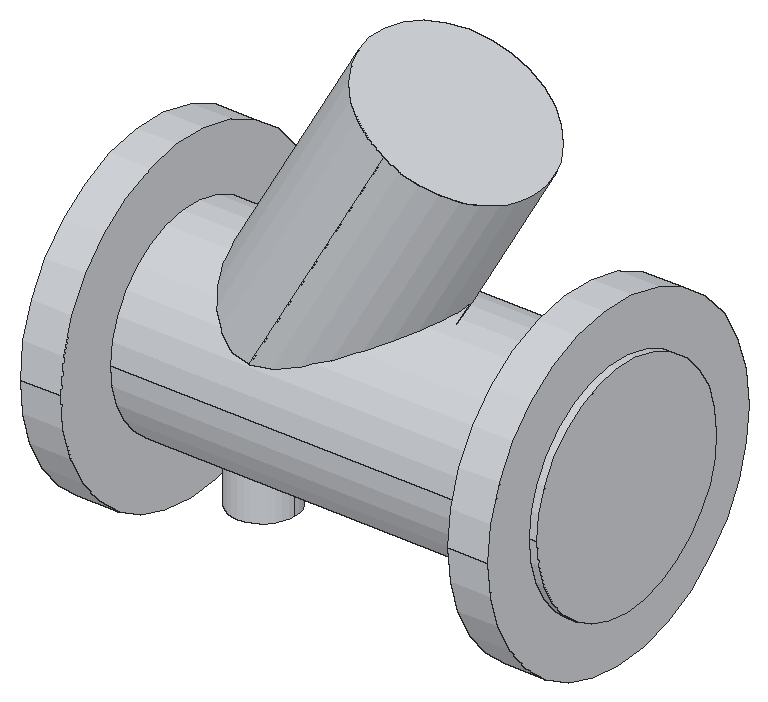
Revit family "HS 821-síto_standard-PN40-DN100-RFA_2018", category Pipe Accessories, Revit 2018
Family settings
  Round Connector Dimension = Use Diameter
  Part Type = Breaks Into
  Work Plane-Based = No
  Always vertical = Yes
  Cut with Voids When Loaded = No
  Shared = No
Parameters (values of type "821F-DN100-PN40-síto_standard")
  magiProductId = "8a45d4e8e2ab425f8c432f21d684f3"
  magiProductFamilyId = "79214ac3aaa945e397802f559f5c1e"
  magiPartTypeId = 307
  isMeasuringValve [instance] = no
  ang2D [instance] = 0.00°
  ZB__ve = -ZB  # -37.25 mm
  ZB1 = 65.61 mm
  ZB = 37.25 mm
  X2 = 114.857 mm
  X1 = 49 mm
  W2D = 15 mm
  VersionID = "2.0/2017.9.26.1/ZETKAMA_821_001"
  Use Minimum Symbol Size [instance] = yes
  URL = "www.hydronic.cz"
  Type Comments = "Filtr přírubový; síto standardní; A-PN16 (-10~300°C); D-PN25 (-10~350°C); F-PN40 (-10~400°C)"
  S = 162 mm
  QmdConnectorList = "301;D;302;D"
  Productdata [instance] = ""
  Manufacturer = "Hydronic Systems Prague s.r.o."
  MC Product Code = "240 690 (821F; DN100; PN40; kvs209,6; oko síta 1,6mm)"
  LM1 = 28 mm
  LM = 280 mm
  L4 = 87.5 mm
  L2D_Min = 3048 mm
  L2D = 130 mm
  L2 = 175 mm
  HH2 = 198.937 mm
  FD = 235 mm
  Description = "Filtr přírubový; síto standardní; 821A-PN16; 821D-PN25; 821F-PN40"
  DM1 = 131.4 mm
  DM = 145.8 mm
  D = 100 mm
  CC = 5.95 mm
  CAT0 = yes
  C1 = 29.05 mm
  C = 35 mm
  BD = 45.927 mm
Types (40, lengths in mm): name | magiProductId | ZB__ve | ZB1 | ZB | X2 | X1 | S | MC Product Code | LM1 | LM | L4 | L2 | HH2 | FD | DM1 | DM | D | CC | C1 | C | BD
  821A-DN015-PN16-síto_standard | "a71bcfe8b393460598b23e8ddf7dc5" | -16.25 | 18.63 | 16.25 | 46.982 | 18.2 | 46 | "200 115 (821A; DN015; PN16; kvs6,3; oko síta 1,00mm)" | 10.4 | 104 | 32.5 | 65 | 81.375 | 95 | 27.6 | 41.4 | 15 | 2.21 | 10.79 | 13 | 13.041
  821A-DN020-PN16-síto_standard | "41cd6c7a12924f4991217528336076" | -17.75 | 22.68 | 17.75 | 51.673 | 21 | 56 | "200 120 (821A; DN020; PN16; kvs11,2; oko síta 1,00mm)" | 12 | 120 | 37.5 | 75 | 89.5 | 105 | 33.6 | 50.4 | 20 | 2.55 | 12.45 | 15 | 15.876
  821A-DN025-PN16-síto_standard | "be378b463ed14c3abf4c9b3ae8cf3a" | -19.25 | 26.325 | 19.25 | 58.601 | 22.4 | 65 | "200 125 (821A; DN025; PN16; kvs14,7; oko síta 1,00mm)" | 12.8 | 128 | 40 | 80 | 101.5 | 115 | 43.2 | 58.5 | 25 | 2.72 | 13.28 | 16 | 18.427
  821A-DN032-PN16-síto_standard | "227a0d18b21540afabe8b6067d35fa" | -23 | 30.78 | 23 | 68.849 | 25.2 | 76 | "200 132 (821A; DN032; PN16; kvs23,7; oko síta 1,00mm)" | 14.4 | 144 | 45 | 90 | 119.25 | 140 | 50.4 | 68.4 | 32 | 3.06 | 14.94 | 18 | 21.546
  821A-DN040-PN16-síto_standard | "d106917c74724141a10440112d0102" | -24.5 | 34.02 | 24.5 | 75.777 | 28 | 84 | "200 140 (821A; DN040; PN16; kvs37,7; oko síta 1,00mm)" | 16 | 160 | 50 | 100 | 131.25 | 150 | 60 | 75.6 | 40 | 3.4 | 16.6 | 20 | 23.814
  821A-DN050-PN16-síto_standard | "8255d456a09e4f6486734f5dd9171b" | -26.75 | 40.095 | 26.75 | 79.061 | 32.2 | 99 | "200 150 (821A; DN050 PN16; kvs57,9; oko síta 1,00mm)" | 18.4 | 184 | 57.5 | 115 | 136.938 | 165 | 73.8 | 89.1 | 50 | 3.91 | 19.09 | 23 | 28.066
  821A-DN065-PN16-síto_standard | "235b1b3e4c0843779a4d5e3716d40a" | -29.75 | 47.79 | 29.75 | 86.927 | 40.6 | 118 | "200 165 (821A; DN065; PN16; kvs101,5; oko síta 1,25mm)" | 23.2 | 232 | 72.5 | 145 | 150.562 | 185 | 94.2 | 106.2 | 65 | 4.93 | 24.07 | 29 | 33.453
  821A-DN080-PN16-síto_standard | "a067f7c5236348ed8c820d16df7214" | -32 | 53.46 | 32 | 104.753 | 43.4 | 132 | "200 180 (821A; DN080; PN16; kvs147,4; oko síta 1,25mm)" | 24.8 | 248 | 77.5 | 155 | 181.438 | 200 | 107.4 | 118.8 | 80 | 5.27 | 25.73 | 31 | 37.422
  821A-DN100-PN16-síto_standard | "c49a648c2747461285837d643703cd" | -35 | 63.18 | 35 | 114.857 | 49 | 156 | "200 190 (821A; DN100; PN16; kvs209,6; oko síta 1,60mm)" | 28 | 280 | 87.5 | 175 | 198.937 | 220 | 131.4 | 140.4 | 100 | 5.95 | 29.05 | 35 | 44.226
  821A-DN125-PN16-síto_standard | "bf68e728a163493cbd2a663b26ebdc" | -39.5 | 74.52 | 39.5 | 131.888 | 56 | 184 | "200 191 (821A; DN125; PN16; kvs326,2; oko síta 1,60mm)" | 32 | 320 | 100 | 200 | 228.438 | 250 | 165 | 165.6 | 125 | 6.8 | 33.2 | 40 | 52.164
  821A-DN150-PN16-síto_standard | "2de770284b654863ae6bc865769dc5" | -44.75 | 85.455 | 44.75 | 155.885 | 67.2 | 211 | "200 192 (821A; DN150; PN16; kvs403; oko síta 1,60mm)" | 38.4 | 384 | 120 | 240 | 270 | 285 | 192 | 189.9 | 150 | 8.16 | 39.84 | 48 | 59.818
  821A-DN200-PN16-síto_standard | "8e5693371ab64aabb29a7f08c76e15" | -53 | 107.73 | 53 | 188.361 | 84 | 266 | "200 193 (821A; DN200; PN16; kvs707; oko síta 1,60mm)" | 48 | 480 | 150 | 300 | 326.25 | 340 | 252 | 239.4 | 200 | 10.2 | 49.8 | 60 | 75.411
  821A-DN250-PN16-síto_standard | "05e37ed948c34047acdd4c42556504" | -62.75 | 129.195 | 62.75 | 255.911 | 102.2 | 319 | "200 194 (821A; DN250; PN16; kvs1234; oko síta 1,60mm)" | 58.4 | 584 | 182.5 | 365 | 443.25 | 405 | 309.6 | 287.1 | 250 | 12.41 | 60.59 | 73 | 90.436
  821A-DN300-PN16-síto_standard | "9ad0af747269428da925480d83ce80" | -71 | 149.85 | 71 | 325.914 | 119 | 370 | "200 195 (821A; DN300; PN16; kvs1916; oko síta 1,60mm)" | 68 | 680 | 212.5 | 425 | 564.5 | 460 | 369.6 | 333 | 300 | 14.45 | 70.55 | 85 | 104.895
  821A-DN350-PN16-síto_standard | "eebc71459bb3451bb4355e7951370a" | -80 | 173.745 | 80 | 356.875 | 137.2 | 429 | "200 196 (821A; DN350; PN16; kvs2621; oko síta 1,60mm)" | 78.4 | 784 | 245 | 490 | 618.125 | 520 | 438 | 386.1 | 350 | 16.66 | 81.34 | 98 | 121.621
  821A-DN400-PN16-síto_standard | "d2f677cb196647e385b2590e7d8abe" | -89 | 194.4 | 89 | 392.237 | 154 | 480 | "200 197 (821A; DN400; PN16; kvs3460; oko síta 1,60mm)" | 88 | 880 | 275 | 550 | 679.375 | 580 | 498 | 432 | 400 | 18.7 | 91.3 | 110 | 136.08
  821D-DN015-PN25-síto_standard | "27ddcbf555414f8ca1fde329bf9087" | -16.25 | 18.63 | 16.25 | 46.982 | 18.2 | 46 | "200 215 (821D; DN015; PN25; kvs6,3; oko síta 1,00mm)" | 10.4 | 104 | 32.5 | 65 | 81.375 | 95 | 27.6 | 41.4 | 15 | 2.21 | 10.79 | 13 | 13.041
  821D-DN020-PN25-síto_standard | "270e0f14012f47189cd0235c18faee" | -17.75 | 22.68 | 17.75 | 51.673 | 21 | 56 | "200 220 (821D; DN020; PN25; kvs11,2; oko síta 1,00mm)" | 12 | 120 | 37.5 | 75 | 89.5 | 105 | 33.6 | 50.4 | 20 | 2.55 | 12.45 | 15 | 15.876
  821D-DN025-PN25-síto_standard | "b9a7fb4aa36643878c637d8e1ab992" | -19.25 | 26.325 | 19.25 | 58.601 | 22.4 | 65 | "200 225 (821D; DN025; PN25; kvs14,7; oko síta 1,00mm)" | 12.8 | 128 | 40 | 80 | 101.5 | 115 | 43.2 | 58.5 | 25 | 2.72 | 13.28 | 16 | 18.427
  821D-DN032-PN25-síto_standard | "6be9a55c4e68400f94eec7e804204c" | -23 | 30.78 | 23 | 68.849 | 25.2 | 76 | "200 232 (821D; DN032; PN25; kvs23,7; oko síta 1,00mm)" | 14.4 | 144 | 45 | 90 | 119.25 | 140 | 50.4 | 68.4 | 32 | 3.06 | 14.94 | 18 | 21.546
  821D-DN040-PN25-síto_standard | "c54511bd7f584ec2984291479612cb" | -24.5 | 34.02 | 24.5 | 75.777 | 28 | 84 | "200 240 (821D; DN040; PN25; kvs37,7; oko síta 1,00mm)" | 16 | 160 | 50 | 100 | 131.25 | 150 | 60 | 75.6 | 40 | 3.4 | 16.6 | 20 | 23.814
  821D-DN050-PN25-síto_standard | "5483b1f596b04cd39b23a14a22c90e" | -26.75 | 40.095 | 26.75 | 79.061 | 32.2 | 99 | "200 250 (821D; DN050; PN25; kvs57,9; oko síta 1,00mm)" | 18.4 | 184 | 57.5 | 115 | 136.938 | 165 | 73.8 | 89.1 | 50 | 3.91 | 19.09 | 23 | 28.066
  821D-DN065-PN25-síto_standard | "767b0f8318e94750bc7a9930ed5b30" | -29.75 | 47.79 | 29.75 | 86.927 | 40.6 | 118 | "200 265 (821D; DN065; PN25; kvs101,5; oko síta 1,25mm)" | 23.2 | 232 | 72.5 | 145 | 150.562 | 185 | 94.2 | 106.2 | 65 | 4.93 | 24.07 | 29 | 33.453
  821D-DN080-PN25-síto_standard | "e21040fa3cc2404b858198f6b73709" | -32 | 53.46 | 32 | 104.753 | 43.4 | 132 | "200 280 (821D; DN080; PN25; kvs147,4; oko síta 1,25mm)" | 24.8 | 248 | 77.5 | 155 | 181.438 | 200 | 107.4 | 118.8 | 80 | 5.27 | 25.73 | 31 | 37.422
  821D-DN100-PN25-síto_standard | "175ca87a506b40b3bc6b82f12f33cf" | -37.25 | 63.18 | 37.25 | 114.857 | 49 | 156 | "200 290 (821D; DN100; PN25; kvs209,6; oko síta 1,60mm)" | 28 | 280 | 87.5 | 175 | 198.937 | 235 | 131.4 | 140.4 | 100 | 5.95 | 29.05 | 35 | 44.226
  821D-DN125-PN25-síto_standard | "77cc98d60da24855999a22dff726b2" | -42.5 | 74.52 | 42.5 | 131.888 | 56 | 184 | "200 291 (821D; DN125; PN25; kvs326,2; oko síta 1,60mm)" | 32 | 320 | 100 | 200 | 228.438 | 270 | 165 | 165.6 | 125 | 6.8 | 33.2 | 40 | 52.164
  821D-DN150-PN25-síto_standard | "9cf8acfcd15547d68e83172d3abcbe" | -47 | 85.455 | 47 | 155.885 | 67.2 | 211 | "200 292 (821D; DN150; PN25; kvs403; oko síta 1,60mm)" | 38.4 | 384 | 120 | 240 | 270 | 300 | 192 | 189.9 | 150 | 8.16 | 39.84 | 48 | 59.818
  821D-DN200-PN25-síto_standard | "16973f3c9ea14389ba8602495a6b64" | -56 | 110.97 | 56 | 188.361 | 84 | 274 | "200 293 (821D; DN200; PN25; kvs707; oko síta 1,60mm)" | 48 | 480 | 150 | 300 | 326.25 | 360 | 252 | 246.6 | 200 | 10.2 | 49.8 | 60 | 77.679
  821F-DN015-PN40-síto_standard | "4c7eaf3c4c0340888b3e684d8a8616" | -16.25 | 18.225 | 16.25 | 46.982 | 18.2 | 45 | "240 615 (821F; DN015; PN40; kvs6,3; oko síta 1,00mm)" | 10.4 | 104 | 32.5 | 65 | 81.375 | 95 | 27.6 | 40.5 | 15 | 2.21 | 10.79 | 13 | 12.757
  821F-DN020-PN40-síto_standard | "aaac5f1ec96b44d6ba96ac2293d66d" | -17.75 | 23.49 | 17.75 | 51.673 | 21 | 58 | "240 620 (821F; DN020; PN40; kvs11,2; oko síta 1,00mm)" | 12 | 120 | 37.5 | 75 | 89.5 | 105 | 33.6 | 52.2 | 20 | 2.55 | 12.45 | 15 | 16.443
  821F-DN025-PN40-síto_standard | "504768023968471481789485b54c7e" | -19.25 | 27.54 | 19.25 | 58.601 | 22.4 | 68 | "240 625 (821F; DN025; PN40; kvs14,7; oko síta 1,00mm)" | 12.8 | 128 | 40 | 80 | 101.5 | 115 | 43.2 | 61.2 | 25 | 2.72 | 13.28 | 16 | 19.278
  821F-DN032-PN40-síto_standard | "165e7f39cf744f329bdf1c400dad12" | -23 | 31.59 | 23 | 68.849 | 25.2 | 78 | "240 632 (821F; DN032; PN40; kvs23,7; oko síta 1,00mm)" | 14.4 | 144 | 45 | 90 | 119.25 | 140 | 50.4 | 70.2 | 32 | 3.06 | 14.94 | 18 | 22.113
  821F-DN040-PN40-síto_standard | "b8903f952089408fbf3a5a632bab1f" | -24.5 | 35.64 | 24.5 | 75.777 | 28 | 88 | "240 640 (821F; DN040; PN40; kvs37,7; oko síta 1,00mm)" | 16 | 160 | 50 | 100 | 131.25 | 150 | 60 | 79.2 | 40 | 3.4 | 16.6 | 20 | 24.948
  821F-DN050-PN40-síto_standard | "c451f97266fe48da8f879cb6a2bd44" | -26.75 | 41.31 | 26.75 | 79.061 | 32.2 | 102 | "240 650 (821F; DN050; PN40; kvs57,9; oko síta 1,00mm)" | 18.4 | 184 | 57.5 | 115 | 136.938 | 165 | 73.8 | 91.8 | 50 | 3.91 | 19.09 | 23 | 28.917
  821F-DN065-PN40-síto_standard | "dc9821e3f9b34e128f6a8c6b34c198" | -29.75 | 49.41 | 29.75 | 86.927 | 40.6 | 122 | "240 665 (821F; DN065; PN40; kvs101,5; oko síta 1,25mm)" | 23.2 | 232 | 72.5 | 145 | 150.562 | 185 | 94.2 | 109.8 | 65 | 4.93 | 24.07 | 29 | 34.587
  821F-DN080-PN40-síto_standard | "689aa1e260f84cf4994f027a1d86b5" | -32 | 55.89 | 32 | 104.753 | 43.4 | 138 | "240 680 (821F; DN080; PN40; kvs147,4; oko síta 1,25mm)" | 24.8 | 248 | 77.5 | 155 | 181.438 | 200 | 107.4 | 124.2 | 80 | 5.27 | 25.73 | 31 | 39.123
  821F-DN100-PN40-síto_standard | "8a45d4e8e2ab425f8c432f21d684f3" | -37.25 | 65.61 | 37.25 | 114.857 | 49 | 162 | "240 690 (821F; DN100; PN40; kvs209,6; oko síta 1,6mm)" | 28 | 280 | 87.5 | 175 | 198.937 | 235 | 131.4 | 145.8 | 100 | 5.95 | 29.05 | 35 | 45.927
  821F-DN125-PN40-síto_standard | "cf073904c006406b8645afa67ea2fc" | -42.5 | 76.14 | 42.5 | 131.888 | 56 | 188 | "240 691 (821F; DN125; PN40; kvs326,2; oko síta 1,6mm)" | 32 | 320 | 100 | 200 | 228.438 | 270 | 165 | 169.2 | 125 | 6.8 | 33.2 | 40 | 53.298
  821F-DN150-PN40-síto_standard | "0153b9ddabe14992a630484929fdbc" | -47 | 88.29 | 47 | 155.885 | 67.2 | 218 | "240 692 (821F; DN150; PN40; kvs403; oko síta 1,6mm)" | 38.4 | 384 | 120 | 240 | 270 | 300 | 192 | 196.2 | 150 | 8.16 | 39.84 | 48 | 61.803
  821F-DN200-PN40-síto_standard | "7fb3fc01dd8d42428c203e3f8dd4d5" | -56 | 115.425 | 56 | 188.361 | 84 | 285 | "240 693 (821F; DN200; PN40; kvs707; oko síta 1,6mm)" | 48 | 480 | 150 | 300 | 326.25 | 360 | 252 | 256.5 | 200 | 10.2 | 49.8 | 60 | 80.797
Reference planes
  plane 1 "Center (Front/Back)": y = 0
  plane 2 "XYPLANE": z = 0
  plane 3 "Center (Left/Right)": x = 0
  plane 4 "109": x = -112
  plane 5 "108": x = 140
  plane 6 "107": x = -140
  plane 7 "105": x = 175
  plane 8 "104": x = -175
  plane 9 "103": y = 0
  plane 10 "102": z = 0
  plane 11 "101": x = -169.05
  plane 12 "100": x = 169.05
  plane 13 "11": x = -63
  plane 14 "10": z = 198.937
  plane 15 "9": x = 51.857
  plane 16 "5": z = -65.61
  plane 17 "4": x = -87.5
  plane 18 "1": x = 87.5
Forms (mm)
  Extrusion 1, solid, visible <- "CAT0"
    sketch origin (-140, -750, 0) x (0, 1, 0) y (0, 0, 1)
      loop
        circle (750, 0) r 72.9
    from 0 to 280 <- "LM"
  Extrusion 2, solid
    sketch origin (-175, -750, 0) x (0, 1, 0) y (0, 0, 1)
      loop
        circle (750, 0) r 81
    from 0 to 5.95 <- "CC"
  Extrusion 3, solid
    sketch origin (-169.05, -750, 0) x (0, 1, 0) y (0, 0, 1)
      loop
        circle (750, 0) r 117.5
    from 0 to 29.05 <- "C1"
  Extrusion 4, solid
    sketch origin (140, -750, 0) x (0, 1, 0) y (0, 0, 1)
      loop
        circle (750, 0) r 117.5
    from 0 to 29.05 <- "C1"
  Extrusion 5, solid
    sketch origin (169.05, -750, 0) x (0, 1, 0) y (0, 0, 1)
      loop
        circle (750, 0) r 81
    from 0 to 5.95 <- "CC"
  Sweep 6, solid, visible <- "CAT0"
    path origin (750, 0, 0) x (-1, 0, 0) y (0, 0, 1)
      loop
        line (890, 0) -> (813, 0) -> (698.143, 198.937)
    profile origin (-140, 0, 0) x (0, 0, -1) y (0, 1, 0)
      loop
        circle (0, 0) r 65.7
  Extrusion 7, solid, visible <- "CAT0"
    sketch origin (-750, 0, -65.61) x (1, 0, 0) y (0, 1, 0)
      loop
        circle (662.5, 0) r 22.963
    from 0 to -37.25 <- "ZB__ve"
  Extrusion 8, solid, visible <- "CAT0"
    sketch origin (-750, 0, -65.61) x (1, 0, 0) y (0, 1, 0)
      loop
        circle (837.5, 0) r 22.963
    from 0 to -37.25 <- "ZB__ve"
  Extrusion 9, solid, not visible
    sketch origin (175, -750, 0) x (0, 1, 0) y (0, 0, 1)
      loop
        circle (750, 0) r 10
    from 0 to -10
  Extrusion 10, solid, not visible
    sketch origin (-175, -750, 0) x (0, 1, 0) y (0, 0, 1)
      loop
        circle (750, 0) r 10
    from 0 to 10
Lines and regions (mm)
  reference lines, not visible
    curve 1: circle (2, 2, 0) r 1 normal (0, 0, 1)
Dimensions and locks
  plane 1 "Center (Front/Back)" to curve 1 = 2 mm
  "LM1": plane 6 "107" to plane 4 "109"
  "LM": plane 6 "107" to plane 5 "108"
  "C": plane 8 "104" to plane 6 "107"
  "L2": plane 3 "Center (Left/Right)" to plane 7 "105"
  "L2": plane 3 "Center (Left/Right)" to plane 8 "104"
  locked: plane 1 "Center (Front/Back)" to plane 9 "103"
  locked: plane 2 "XYPLANE" to plane 10 "102"
  "CC": plane 8 "104" to plane 11 "101"
  "C1": plane 5 "108" to plane 12 "100"
  "X1": plane 4 "109" to plane 13 "11"
  "HH2": plane 2 "XYPLANE" to plane 14 "10"
  "X2": plane 13 "11" to plane 15 "9"
  "ZB1": plane 2 "XYPLANE" to plane 16 "5"
  "L4": plane 8 "104" to plane 17 "4"
  "L2": plane 17 "4" to plane 18 "1"
  Sweep 6 sketch curve to Sweep 6 sketch curve = 0 mm  (x2)
  "DM": diameter of Extrusion 1 sketch curve
  "S": diameter of Extrusion 2 sketch curve
  "FD": diameter of Extrusion 3 sketch curve
  "FD": diameter of Extrusion 4 sketch curve
  "S": diameter of Extrusion 5 sketch curve
  "DM1": diameter of Sweep 6 sketch curve
  "BD": diameter of Extrusion 7 sketch curve
  "BD": diameter of Extrusion 8 sketch curve
  aligned and locked: level to plane 2 "XYPLANE"
  aligned and locked: Extrusion 1 sketch curve to plane 9 "103"
  aligned and locked: plane 10 "102" to Extrusion 1 sketch curve
  aligned and locked: Extrusion 2 sketch curve to plane 9 "103"
  aligned and locked: plane 10 "102" to Extrusion 2 sketch curve
  aligned and locked: Extrusion 3 sketch curve to plane 9 "103"
  aligned and locked: plane 10 "102" to Extrusion 3 sketch curve
  aligned and locked: Extrusion 4 sketch curve to plane 9 "103"
  aligned and locked: plane 10 "102" to Extrusion 4 sketch curve
  aligned and locked: Extrusion 5 sketch curve to plane 9 "103"
  aligned and locked: plane 10 "102" to Extrusion 5 sketch curve
  aligned and locked: Sweep 6 sketch curve to plane 9 "103"
  aligned and locked: plane 10 "102" to Sweep 6 sketch curve  (x3)
  aligned and locked: plane 6 "107" to Sweep 6 sketch curve
  aligned and locked: plane 13 "11" to Sweep 6 sketch curve
  aligned and locked: plane 14 "10" to Sweep 6 sketch curve
  aligned and locked: plane 15 "9" to Sweep 6 sketch curve
  aligned and locked: plane 9 "103" to Extrusion 7 sketch curve
  aligned and locked: plane 17 "4" to Extrusion 7 sketch curve
  aligned and locked: plane 9 "103" to Extrusion 8 sketch curve
  aligned and locked: plane 18 "1" to Extrusion 8 sketch curve
  aligned and locked: Extrusion 9 sketch curve to plane 9 "103"
  aligned and locked: plane 10 "102" to Extrusion 9 sketch curve
  aligned and locked: Extrusion 10 sketch curve to plane 9 "103"
  aligned and locked: plane 10 "102" to Extrusion 10 sketch curve
Automatic sketch dimensions
  plane 1 "Center (Front/Back)" to Extrusion 9 sketch curve = 10 mm
  plane 1 "Center (Front/Back)" to Extrusion 10 sketch curve = 10 mm
  plane 3 "Center (Left/Right)" to curve 1 = 2 mm
  radius of curve 1 = 1 mm
Connectors
  piping at (-175, 0, 0), diameter 100, driven by "D"
    settings: on Extrusion 10, index 1, connector inside diameter 609.6 mm, connector length 0 mm, flow factor 0, pipe flow 0.0 L/s, pressure drop 0.0 Pa, fitting loss kfactor 0, connector angle 0.00°, fixture units 0, engagement length 0 mm, angle of deflection 0.00°, flow configuration 0, flow direction 0, fitting loss method 0, system type 29, joint type 0, gender type 0, connector reference index 2, connector utility 0, adjustable connector no, is connector primary yes, connector description ""
  piping at (175, 0, 0), diameter 100, driven by "D"
    settings: on Extrusion 9, index 2, connector inside diameter 609.6 mm, connector length 0 mm, flow factor 0, pipe flow 0.0 L/s, pressure drop 0.0 Pa, fitting loss kfactor 0, connector angle 0.00°, fixture units 0, engagement length 0 mm, angle of deflection 0.00°, flow configuration 0, flow direction 0, fitting loss method 0, system type 29, joint type 0, gender type 0, connector reference index 1, connector utility 0, adjustable connector no, is connector primary no, connector description ""
